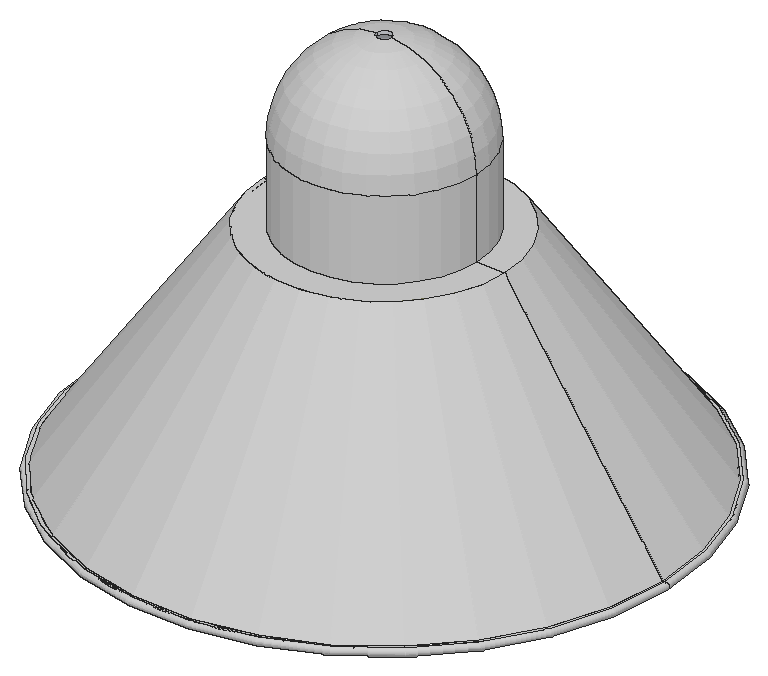
Revit family "SBH16 SHADE", category Lighting Fixtures, Revit 2024
Family settings
  Round Connector Dimension = Use Diameter
  Part Type = Normal
  OmniClass Number = 23.80.70.00
  OmniClass Title = Lighting
  Work Plane-Based = No
  Always vertical = Yes
  Cut with Voids When Loaded = No
  Light Source = Yes
  Maintain Annotation Orientation = No
  Shared = No
  Room Calculation Point = No
Parameters
  Wattage = 12.1178 W
  built-in parameter 1150110 = 1 (stored number, unit not read)
  built-in parameter 1114217 = 1 (stored number, unit not read)
  built-in parameter 1150109 = 1 (stored number, unit not read)
  built-in parameter 1150134 = (empty or 0)
  built-in parameter 1150113 = 1 (stored number, unit not read)
  Lumens = 1800 lm
  built-in parameter 1150115 = 1 (stored number, unit not read)
  built-in parameter 1150105 = 572.96 (stored number, unit not read)
  Light Source Symbol Size = 2' - 0"
  built-in parameter 1150137 = (empty or 0)
  built-in parameter 1150139 = (empty or 0)
  built-in parameter 1150112 = 1 (stored number, unit not read)
  built-in parameter 1150114 = 1 (stored number, unit not read)
  built-in parameter 1150132 = 2
  built-in parameter 1150102 = (empty or 0)
  built-in parameter 1150138 = (empty or 0)
  built-in parameter 1150107 = 3000 (stored number, unit not read)
  built-in parameter 1150106 = 5.7296 (stored number, unit not read)
  built-in parameter 1150104 = 13.8 (stored number, unit not read)
  Dimming Lamp Color Temperature Shift = (empty or 0)
  Default Elevation = 0' - 0"
  Color Filter = 16777215
  built-in parameter 1114218 = 1 (stored number, unit not read)
  built-in parameter 1150133 = 10 (stored number, unit not read)
Reference planes (in)
  plane 1 "Light Source Axis (F/B)": y = 0
  plane 2: z = 0
  plane 3 "Light Source Axis (L/R)": x = 0
  plane 4 "Light Source Elevation": z = 84
Forms (in)
  Revolve 1, solid
    sketch origin (0, 0, 0) x (1, 0, 0) y (0, 0, 1)
      loop
        line (-9.75, 84.12543) -> (-4.20171, 91.90625) -> (-3.15625, 91.90625) -> (-3.15625, 94.75)
        arc (-3.15625, 94.75) -> (-2.31851, 96.89159) -> (-0.25, 97.89633) r 3.15625
        line (-0.25, 97.89633) -> (-0.25, 97.99037)
        arc (-0.25, 97.99037) -> (-2.38485, 96.95794) -> (-3.25, 94.75) r 3.25
        line (-3.25, 94.75) -> (-3.25, 92) -> (-4.25, 92) -> (-9.77632, 84.25) -> (-9.875, 84.25)
        arc (-9.875, 84.25) -> (-9.96324, 84.03646) -> (-9.75, 84.12543) r 0.125
      loop
        line (-2.10503, 93.98182) -> (-2.10503, 88.66167)
        arc (-2.10503, 88.66167) -> (-1.48848, 87.17319) -> (0, 86.55664) r 2.10503
        line (0, 86.55664) -> (0, 86.65039)
        arc (0, 86.65039) -> (-1.42219, 87.23948) -> (-2.01128, 88.66167) r 2.01128
        line (-2.01128, 88.66167) -> (-2.01128, 93.98182) -> (-2.10503, 93.98182)
      axis (0, 97.99037) -> (0, 84.12543)
    angle from 0 to 360
Dimensions and locks (in)
  aligned and locked: plane 3 "Light Source Axis (L/R)" to imposter light
  aligned and locked: plane 1 "Light Source Axis (F/B)" to imposter light
  aligned and locked: plane 4 "Light Source Elevation" to imposter light
  aligned and locked: level to plane 2
